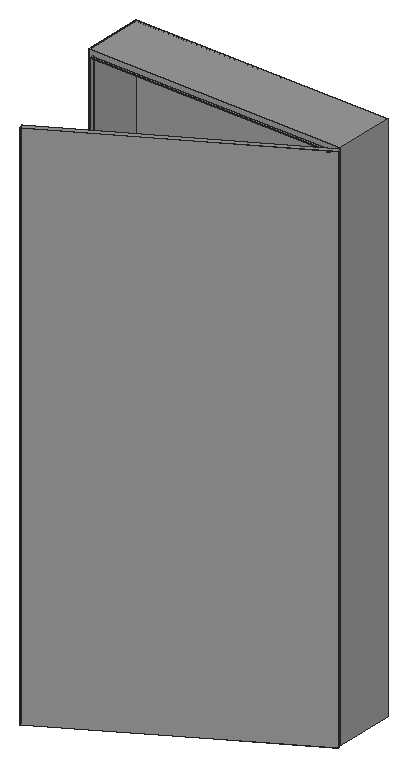
Revit family "Hager-Univers-IP54-D205-H1700-Cl.II-Encl-NoHosted-PT-pt", category Electrical Equipment, Revit 2020
Family settings
  Panel Configuration = Two Columns, Circuits Across
  Round Connector Dimension = Use Diameter
  Part Type = Panelboard
  Work Plane-Based = Yes
  Always vertical = Yes
  Cut with Voids When Loaded = No
  Shared = No
  Room Calculation Point = No
Parameters (values of type "Montagem em superfície (gesso) IP54 L800 A1700 P205  - FP13SW2")
  Width Control [instance] = if([EF000008 - Largura] > Min Width, [EF000008 - Largura], Min Width)  # 800 mm
  Type Comments = [HG000003 - Gama]  # "Univers"
  Thickness Door [instance] = if([EF009171 - Espessura do material da porta/tampa] > 3 mm, 3 mm, [EF009171 - Espessura do material da porta/tampa])  # 1 mm
  Seal Frame Offset [instance] = 17 mm  # constant formula
  Plinth Visibility [instance] = [HG000027 - Altura da Plinta] > 0 mm  # no
  Min Width [instance] = 100 mm  # constant formula
  Min Depth [instance] = (2 * [EF009170 - Espessura do material do invólucro]) + 1 mm  # 3 mm
  Min Height [instance] = 100 mm  # constant formula
  Internal Frame Depth [instance] = (Door System Depth * 0.5)  # 9 mm
  Panel Name [instance] = ""  # (empty or 0)
  Model = ""
  HG000027 - Altura da Plinta = 0 mm
  HG000026 - Instalação no chão = no
  HG000024 - Altura da secção inferior = 600 mm
  HG000023 - Recinto de secção dupla = no
  HG000016 - Visibilidade da porta 3D [instance] = yes
  HG000015 - Visibilidade através da porta [instance] = no
  HG000014 - Porta à direita [instance] = yes
  HG000013 - Porta à esquerda [instance] = not([HG000014 - Porta à direita])  # no
  HG000012 - Ângulo de abertura de porta [instance] = 30.00°
  HG000010 - Portas assimétricas = no
  HG000009 - Porta dupla = no
  HG000006 - Encastrado = no
  HG000004 - Referência do Fabricante = "FP13SW2"
  HG000003 - Gama = "Univers"
  HG000002 - Com porta ou tampa = yes
  Frame Offset Bottom [instance] = 10 mm  # constant formula
  Frame Offset [instance] = 15 mm  # constant formula
  EF015940 - Tampa com libertação de sobrepressão = no
  EF011959 - Grau de proteção (NEMA) = ""
  EF009554 - Número de aberturas para placas de flange = 6
  EF009212 - Tipo de tampa = "EV000116 - Fechado"
  EF009171 - Espessura do material da porta/tampa = 1 mm
  EF009170 - Espessura do material do invólucro = 1 mm
  EF008873 - Corrente nominal (In) = 400 A
  EF007800 - Adequado para proteção contra raios = no
  EF006306 - Com fecho = no
  EF006244 - Tampa/porta transparente = no
  EF005474 - Grau de proteção (IP) = "EV006419 - IP54"
  EF004464 - Tipo de porta = "EV002646 - Único"
  EF004427 - Número de módulos = 396
  EF004293 - Força de impacto = "EV006815 - IK09"
  EF003532 - Adequado para uso no exterior = no
  EF002950 - Largura em número de módulos = 36
  EF001613 - Integridade do circuito = "EV000494 - Nenhum"
  EF001596 - Material do corpo = "EV000179 - Aço"
  EF001131 - Profundidade interior = 143 mm
  EF001088 - Extensão possível = yes
  EF000437 - Número de entradas de condutores = 6
  EF000339 - Tipo de difusor = "EV001012 - Tampa"
  EF000266 - Número de linhas = 11
  EF000218 - Profundidade incorporada = 205 mm
  EF000118 - Com tampa de montagem = no
  EF000116 - Número RAL = "9010"
  EF000049 - Profundidade = 205 mm
  EF000040 - Altura = 1700 mm
  EF000008 - Largura = 800 mm
  EF000007 - Cor = "EV000202 - Branco"
  EF000003 - Método de montagem = "EV000384 - Montagem em superfície (gesso)"
  Door System Leaf Tolerance [instance] = 1.5 mm  # constant formula
  Door System Depth [instance] = 18 mm  # constant formula
  Door Height [instance] = Height Control - [HG000027 - Altura da Plinta]  # 1700 mm
  Description = ""
  Default Elevation = 1219.2 mm
  Connector Offset [instance] = Height Control / 2  # 850 mm
  Manufacturer = "Hager"  # constant formula
  Height Control [instance] = if([EF000040 - Altura] > Min Height, [EF000040 - Altura], Min Height)  # 1700 mm
  Depth Control [instance] = if([EF000049 - Profundidade] > Min Depth, [EF000049 - Profundidade], Min Depth)  # 205 mm
  Bottom Top Plate Trim [instance] = 1.5 mm  # constant formula
  Plinth height Ctrl [instance] = if([HG000027 - Altura da Plinta] > 0 mm, [HG000027 - Altura da Plinta], 12 mm)  # 12 mm
Types (5, lengths in mm): name | Width Control | HG000010 - Portas assimétricas | HG000009 - Porta dupla | HG000004 - Referência do Fabricante | EF009554 - Número de aberturas para placas de flange | EF008873 - Corrente nominal (In) | EF004464 - Tipo de porta | EF004427 - Número de módulos | EF002950 - Largura em número de módulos | EF000437 - Número de entradas de condutores | EF000008 - Largura
  Montagem em superfície (gesso) IP54 L1050 A1700 P205  - FP14SW2 | 1050 | no | yes | "FP14SW2" | 8 | 400 A | "EV003602 - Duplo" | 528 | 48 | 8 | 1050
  Montagem em superfície (gesso) IP54 L1300 A1700 P205  - FP15SW2 | 1300 | yes | yes | "FP15SW2" | 10 | 400 A | "EV003602 - Duplo" | 660 | 60 | 10 | 1300
  Montagem em superfície (gesso) IP54 L300 A1700 P205  - FP11SW2 | 300 | no | no | "FP11SW2" | 2 | 250 A | "EV002646 - Único" | 132 | 12 | 2 | 300
  Montagem em superfície (gesso) IP54 L550 A1700 P205  - FP12SW2 | 550 | no | no | "FP12SW2" | 4 | 250 A | "EV002646 - Único" | 264 | 24 | 4 | 550
  Montagem em superfície (gesso) IP54 L800 A1700 P205  - FP13SW2 | 800 | no | no | "FP13SW2" | 6 | 400 A | "EV002646 - Único" | 396 | 36 | 6 | 800
Reference planes
  plane 1 "Center (Front/Back)": y = 0
  plane 2: z = 0
  plane 3 "Center (Left/Right)": x = 0
  plane 4: y = 0
  plane 5: y = 0
  plane 6: z = 0
  plane 7: x = -400
  plane 8: x = 400
  plane 9: x = 399
  plane 10: x = -399
  plane 11: z = 0
  plane 12: z = 1
  plane 13: y = -205
  plane 14: y = -1
  plane 15: x = 0
  plane 16: y = -187
  plane 17: y = -204
  plane 18: y = -186
  plane 19: x = -384
  plane 20: x = 384
  plane 21: z = 11
  plane 22: x = -383
  plane 23: x = 383
  plane 24: z = 0
  plane 25: z = 1700
  plane 26: z = 1700
  plane 27: z = 1684
  plane 28: z = 1699
Forms (mm)
  Extrusion 1, solid, material "Hager_Steel_RAL7035_Light_Grey", detail levels medium+fine
    sketch origin (-208.679, -4572, 0) x (-1, 0, 0) y (0, -1, 0)
      loop
        line (191.321, -4385) -> (-608.679, -4385) -> (-608.679, -4572) -> (191.321, -4572) -> (191.321, -4385)
    from 0 to 1700
  Extrusion 2, void
    sketch origin (-350.771, -205, 1219.2) x (1, 0, 0) y (0, 0, 1)
      loop
        line (-48.229, 479.8) -> (-48.229, -1218.2) -> (749.771, -1218.2) -> (749.771, 479.8) -> (-48.229, 479.8)
    from -19 to -204
  Extrusion 3, void
    sketch origin (-290.084, -187, 1219.2) x (1, 0, 0) y (0, 0, 1)
      loop
        line (-93.916, -1208.2) -> (674.084, -1208.2) -> (674.084, 464.8) -> (-93.916, 464.8) -> (-93.916, -1208.2)
    from 0 to -1
  Extrusion 4, solid, material "Hager_Steel_RAL7035_Light_Grey", visible <- "Plinth Visibility", detail levels medium+fine
    sketch origin (0, 0, 0) x (1, 0, 0) y (0, 1, 0)
      loop
        line (-400, 0) -> (-400, -187) -> (400, -187) -> (400, 0) -> (-400, 0)
    from 0 to 12 <- "Plinth height Ctrl"
  Extrusion 5, solid, material "Hager_Steel_RAL7035_Light_Grey", detail levels coarse
    sketch origin (0, 0, 0) x (1, 0, 0) y (0, 1, 0)
      loop
        line (-400, 0) -> (-400, -205) -> (400, -205) -> (400, 0) -> (-400, 0)
    from 0 to 1700 <- "Height Control"
  Sweep 6, void
    path in 3D
      loop
        line (-400, -187, 12) -> (400, -187, 12) -> (400, 0, 12) -> (-400, 0, 12) -> (-400, -187, 12)
    profile origin (-400, -93.5, 12) x (1, 0, 0) y (0, 0, 1)
      loop
        line (0, 0) -> (0, -1.5) -> (1.5, -1.5)
        arc (1.5, -1.5) -> (1.061, -0.439) -> (0, 0) r 1.5
  Extrusion 7, solid, material "Hager_Steel_RAL7035_Light_Grey", detail levels fine
    sketch origin (-400, -187, 0) x (1, 0, 0) y (0, 0, 1)
      loop
        line (16, 11) -> (784, 11) -> (784, 1684) -> (16, 1684) -> (16, 11)
      loop
        line (15, 10) -> (785, 10) -> (785, 1685) -> (15, 1685) -> (15, 10)
    from 0 to 9 <- "Internal Frame Depth"
Cuts and joins
  Extrusion 2, Extrusion 3 cuts Extrusion 1
  Sweep 6 cuts Extrusion 4
Lines and regions (mm)
  Masking region 1
    outline origin (0, 0, 0) x (1, 0, 0) y (0, 1, 0)
      loop
        line (-400, 0) -> (-400, -205) -> (400, -205) -> (400, 0) -> (-400, 0)
  Masking region 2, detail levels coarse
    outline origin (-290.084, -187, 1219.2) x (-1, 0, 0) y (0, 0, 1)
      loop
        line (-690.084, -1219.2) -> (109.916, -1219.2) -> (109.916, 480.8) -> (-690.084, 480.8) -> (-690.084, -1219.2)
  Masking region 3, detail levels coarse
    outline origin (0, 0, 0) x (0, 1, 0) y (0, 0, 1)
      loop
        line (0, 0) -> (0, 1700) -> (-205, 1700) -> (-205, 0) -> (0, 0)
  Masking region 4, visible <- "Plinth Visibility", detail levels medium+fine
    outline origin (0, 0, 0) x (0, 1, 0) y (0, 0, 1)
      loop
        line (-1.5, 12) -> (-185.5, 12)
        arc (-185.5, 12) -> (-185.939, 10.939) -> (-187, 10.5) r 1.5
        line (-187, 10.5) -> (-187, 0) -> (0, 0) -> (0, 10.5)
        arc (0, 10.5) -> (-1.061, 10.939) -> (-1.5, 12) r 1.5
  Masking region 5, detail levels medium+fine
    outline origin (0, 0, 594.038) x (0, 1, 0) y (0, 0, 1)
      loop
        line (0, -594.038) -> (0, 1105.962) -> (-187, 1105.962) -> (-187, -594.038) -> (0, -594.038)
  Masking region 6, detail levels medium+fine
    outline origin (-359.7, -187, 1211.883) x (-1, 0, 0) y (0, 0, 1)
      loop
        line (-759.7, -1211.883) -> (40.3, -1211.883) -> (40.3, 488.117) -> (-759.7, 488.117) -> (-759.7, -1211.883)
  Masking region 7, visible <- "Plinth Visibility", detail levels medium+fine
    outline origin (-320.334, -187, 1041.368) x (-1, 0, 0) y (0, 0, 1)
      loop
        line (-720.334, -1041.368) -> (79.666, -1041.368) -> (79.666, -1030.868)
        arc (79.666, -1030.868) -> (78.606, -1030.429) -> (78.166, -1029.368) r 1.5
        line (78.166, -1029.368) -> (-718.834, -1029.368)
        arc (-718.834, -1029.368) -> (-719.273, -1030.429) -> (-720.334, -1030.868) r 1.5
        line (-720.334, -1030.868) -> (-720.334, -1041.368)
  sketch lines
    curve 1: line (-400, 0, 12) -> (-400, -187, 12)
    curve 2: line (-400, -187, 12) -> (400, -187, 12)
    curve 3: line (400, 0, 12) -> (-400, 0, 12)
    curve 4: line (400, -187, 12) -> (400, 0, 12)
Dimensions and locks
  locked: plane 1 "Center (Front/Back)" to plane 5
  "EF009170 - Espessura do material do invólucro": plane 7 to plane 10
  "EF009170 - Espessura do material do invólucro": plane 8 to plane 9
  equal spacing: plane 7, plane 3 "Center (Left/Right)", plane 8
  "Width Control": plane 7 to plane 8
  "Depth Control": plane 4 to plane 13
  "EF009170 - Espessura do material do invólucro": plane 4 to plane 14
  "Height Control": plane 25 to level
  "HG000027 - Altura da Plinta": plane 11 to level
  "EF009170 - Espessura do material do invólucro": plane 12 to plane 11
  "EF009170 - Espessura do material do invólucro": plane 17 to plane 13
  "EF009170 - Espessura do material do invólucro": plane 18 to plane 16
  "Frame Offset Bottom": plane 21 to plane 12
  "Frame Offset": plane 10 to plane 19
  "Frame Offset": plane 9 to plane 20
  "Door System Depth": plane 16 to plane 13
  "Seal Frame Offset": plane 7 to plane 22
  "Seal Frame Offset": plane 8 to plane 23
  "EF009170 - Espessura do material do invólucro": plane 26 to plane 28
  "Frame Offset": plane 28 to plane 27
  "Connector Offset": plane 2 to connector elem
  "Bottom Top Plate Trim": profile plane to Sweep 6 sketch curve
  "Bottom Top Plate Trim": Sweep 6 sketch curve to Sweep 6 sketch curve
  "Plinth height Ctrl": Masking region 4 sketch curve to level
  "Plinth height Ctrl": Masking region 7 sketch curve to level
  "Thickness Door": Extrusion 7 sketch curve to Extrusion 7 sketch curve  (x4)
  "Bottom Top Plate Trim": radius of Sweep 6 sketch curve
  "Bottom Top Plate Trim": radius of Masking region 4 sketch curve  (x2)
  "Bottom Top Plate Trim": radius of Masking region 7 sketch curve  (x2)
  aligned and locked: Extrusion 2 sketch curve to plane 12
  aligned and locked: Extrusion 2 sketch curve to plane 9
  aligned and locked: Extrusion 2 sketch curve to plane 10
  aligned and locked: Extrusion 2 to plane 14
  aligned and locked: Extrusion 1 sketch curve to plane 4
  aligned and locked: plane 8 to Extrusion 1 sketch curve
  aligned and locked: plane 7 to Extrusion 1 sketch curve
  aligned and locked: Extrusion 2 to plane 18
  aligned and locked: Extrusion 3 sketch curve to plane 19
  aligned and locked: plane 20 to Extrusion 3 sketch curve
  aligned and locked: Extrusion 3 to Extrusion 2
  aligned and locked: Extrusion 3 sketch curve to plane 21
  aligned and locked: plane 3 "Center (Left/Right)" to nested 1
  aligned and locked: Extrusion 1 sketch curve to plane 16
  aligned and locked: Extrusion 4 sketch curve to cut or joined group of Extrusion 1, Extrusion 2, Extrusion 3
  aligned and locked: Masking region 1 sketch curve to plane 7
  aligned and locked: Masking region 1 sketch curve to plane 5
  aligned and locked: Masking region 1 sketch curve to plane 8
  aligned and locked: Masking region 2 sketch curve to level
  aligned and locked: level to Masking region 3 sketch curve
  aligned and locked: plane 1 "Center (Front/Back)" to Masking region 3 sketch curve
  aligned and locked: plane 13 to Masking region 3 sketch curve
  aligned and locked: plane 5 to Masking region 4 sketch curve
  aligned and locked: Masking region 2 sketch curve to plane 8
  aligned and locked: Masking region 2 sketch curve to plane 7
  aligned and locked: plane 7 to nested 2
  aligned and locked: nested 2 to plane 5
  aligned and locked: plane 5 to Masking region 5 sketch curve
  aligned and locked: plane 26 to Masking region 5 sketch curve
  aligned and locked: Extrusion 5 sketch curve to plane 8
  aligned and locked: Extrusion 5 sketch curve to plane 7
  aligned and locked: Extrusion 5 sketch curve to plane 5
  aligned and locked: Extrusion 3 sketch curve to plane 27
  aligned and locked: Extrusion 2 sketch curve to plane 28
  aligned and locked: Masking region 2 to plane 25
  aligned and locked: Extrusion 4 to plane 16
  aligned and locked: profile plane to Sweep 6 sketch curve
  aligned and locked: Masking region 5 sketch curve to plane 24
  aligned and locked: level to Masking region 4 sketch curve
  aligned and locked: Masking region 1 to plane 13
  aligned and locked: nested 1 to plane 16
  aligned and locked: Masking region 3 to plane 25
  aligned and locked: plane 16 to Masking region 4 sketch curve
  aligned and locked: Masking region 5 sketch curve to plane 16
  aligned and locked: plane 24 to plane 11
  aligned and locked: plane 26 to plane 25
  aligned and locked: plane 26 to cut or joined group of Extrusion 1, Extrusion 2, Extrusion 3
  aligned and locked: nested 1 to plane 24
  aligned and locked: Extrusion 1 to Extrusion 3
  aligned and locked: Masking region 6 sketch curve to plane 8
  aligned and locked: Masking region 6 sketch curve to plane 24
  aligned and locked: Masking region 6 sketch curve to plane 7
  aligned and locked: Masking region 6 sketch curve to plane 26
  aligned and locked: Masking region 7 sketch curve to plane 7
  aligned and locked: level to Masking region 7 sketch curve
  aligned and locked: Masking region 7 sketch curve to plane 8
  aligned and locked: Extrusion 7 sketch curve to cut or joined group of Extrusion 1, Extrusion 2, Extrusion 3  (x4)
Automatic sketch dimensions
  plane 19 to Extrusion 3 sketch curve = 0 mm
  Extrusion 3 sketch curve to plane 20 = 0 mm
  Extrusion 3 sketch curve to plane 21 = 0 mm
  Extrusion 4 sketch curve to plane 7 = 0 mm
  Extrusion 4 sketch curve to plane 8 = 0 mm
  Extrusion 4 sketch curve to plane 16 = 0 mm
  Masking region 1 sketch curve to plane 13 = 0 mm
  Masking region 2 sketch curve to plane 25 = 0 mm
  Masking region 3 sketch curve to plane 25 = 0 mm
  Extrusion 5 sketch curve to plane 13 = 0 mm
  profile plane to Sweep 6 sketch curve = 0 mm
Nested families
  nested 1: "EC000058_Univers_Door" at (0, -187, 0), Double <- "HG000009 - Porta dupla", Transparent <- "EF006244 - Tampa/porta transparente", Angle <- "HG000012 - Ângulo de abertura de porta", Door_Right <- "HG000014 - Porta à direita", Assymetrical <- "HG000010 - Portas assimétricas", Door <- "HG000002 - Com porta ou tampa", Width_Ctrl <- "Width Control", 3d_Door <- "HG000016 - Visibilidade da porta 3D", Clearance <- "HG000015 - Visibilidade através da porta", Door_Left <- "HG000013 - Porta à esquerda", Width <- "Width Control", Door_Depth <- "Door System Depth", Leaf_Tolerance <- "Door System Leaf Tolerance", Height <- "Door Height", Lock_Visibility <- "EF006306 - Com fecho", Thickness <- "Thickness Door", type "EC000058_Univers_Door", detail levels medium+fine
    with min_wh 3 mm, Width_Ctrl 800 mm, Width 800 mm, Transparent no, Thickness 1 mm, Seal_Material Hager_Rubber, Lock_Visibility no, Lock_Material Hager_Plastic_RAL9005_Jet_Black, Leaf_Width 800 mm, Leaf_Tolerance_External_Sides 0 mm, Leaf_Tolerance 1.5 mm, Leaf_Offset 0 mm, Leaf_Height 1697 mm, Leaf_2_Width 800 mm, Leaf_2_Offset 400 mm, Leaf_1_Width 800 mm, Leaf_1_Offset 400 mm, Height_Ctrl 1700 mm, Height 1700 mm, Glass_Material Hager_Glass, Double_Clearance_Ctrl no, Double no, Door_Right_Ctrl yes, Door_Right yes, Door_Material Hager_Steel_RAL7035_Light_Grey, Door_Left_Ctrl no, Door_Left no, Door_Depth 18 mm, Door yes, Clearance_Material Hager_Clearance, Clearance_Depth 800 mm, Clearance_Ctrl no, Clearance no, Assymetrical no, Angle 30.00°, 3d_Door yes
  nested 2: "Hager_Enclosure_Symbol" at (-400, 0, 0), Height <- "Depth Control", Width <- "Width Control", type "Hager_Enclosure_Symbol"
    with Width_Ctrl 800 mm, Width 800 mm, Height_Ctrl 205 mm, Height 205 mm, A_Width_Int 13.453 mm, A_Width 161.438 mm, A_Height_Ctrl 179.375 mm, A_Height 179.375 mm
Connectors
  electrical at (0, 0, 850)
    settings: on plane 1 "Center (Front/Back)", index 1, voltage 0 V, apparent load 0 VA, apparent load phase1 0 VA, apparent load phase2 0 VA, apparent load phase3 0 VA, power factor 1, load classification "Other", number of poles 1, system type 30, power factor state 1, is connector primary yes, connector utility no, sub classification motor no, connector description ""
Definition of nested family "EC000058_Univers_Door"
  Parameters (values of type "EC000058_Univers_Door")
    min_wh [instance] = (2 * Thickness) + 1 mm  # 11 mm
    Width_Ctrl [instance] = 400 mm
    Width [instance] = 500 mm
    Transparent [instance] = yes
    Thickness [instance] = 5 mm
    Seal_Material [instance] = none
    Lock_Visibility [instance] = yes
    Lock_Material [instance] = none
    Leaf_Width [instance] = if((Width_Ctrl - 2 * Leaf_Tolerance_External_Sides) > 0 mm, (Width_Ctrl - 2 * Leaf_Tolerance_External_Sides), min_wh)  # 400 mm
    Leaf_Tolerance_External_Sides [instance] = 0 mm  # constant formula
    Leaf_Tolerance [instance] = 1.5 mm
    Leaf_Offset [instance] = 0 mm  # constant formula
    Leaf_Height [instance] = if((Height_Ctrl - 2 * Leaf_Tolerance) > 0 mm, (Height_Ctrl - 2 * Leaf_Tolerance), min_wh)  # 497 mm
    Leaf_2_Width [instance] = if(and(and(Double, Assymetrical), Door_Left), (Leaf_Width / 3) - (Leaf_Tolerance / 2), if(and(and(Double, Assymetrical), Door_Right), (Leaf_Width / 3) * 2 - (Leaf_Tolerance / 2), if(and(Double, not(Assymetrical)), (Leaf_Width / 2) - Leaf_Tolerance, Leaf_Width)))  # 400 mm
    Leaf_2_Offset [instance] = if(and(Double, Assymetrical), Leaf_2_Width / 2, if(and(Double, not(Assymetrical)), Leaf_Width / 4, Leaf_Width / 2))  # 200 mm
    Leaf_1_Width [instance] = if(and(and(Double, Assymetrical), Door_Right), (Leaf_Width / 3) - (Leaf_Tolerance / 2), if(and(and(Double, Assymetrical), Door_Left), (Width / 3) * 2 - (Leaf_Tolerance / 2), if(and(Double, not(Assymetrical)), (Leaf_Width / 2) - Leaf_Tolerance, Leaf_Width)))  # 400 mm
    Leaf_1_Offset [instance] = if(and(Double, Assymetrical), Leaf_1_Width / 2, if(and(Double, not(Assymetrical)), Leaf_Width / 4, Leaf_Width / 2))  # 200 mm
    Height_Ctrl [instance] = if(Height > min_wh, Height, min_wh)  # 500 mm
    Height [instance] = 500 mm
    Glass_Material [instance] = none
    Double_Clearance_Ctrl [instance] = and(Double, Clearance)  # no
    Double [instance] = no
    Door_Right_Ctrl [instance] = and(or(Door_Right, Double), Door)  # yes
    Door_Right [instance] = yes
    Door_Material [instance] = none
    Door_Left_Ctrl [instance] = and(or(Door_Left, Double), Door)  # no
    Door_Left [instance] = no
    Door_Depth [instance] = 30 mm
    Door [instance] = yes
    Default Elevation = 1219.2 mm
    Clearance_Material [instance] = none
    Clearance_Depth [instance] = if(Leaf_1_Width > Leaf_2_Width, Leaf_1_Width, Leaf_2_Width)  # 400 mm
    Clearance_Ctrl [instance] = and(not(Double), Clearance)  # yes
    Clearance [instance] = yes
    Assymetrical [instance] = yes
    Angle [instance] = 30.00°
    3d_Door [instance] = yes
  Reference planes
    plane 1 "Center (Front/Back)": y = 0
    plane 2 "Bottom": z = 0
    plane 3 "Center (Left/Right)": x = 0
    plane 4: z = 500
    plane 5: x = -200
    plane 6: x = 200
    plane 7: z = 500
    plane 8: x = -200
    plane 9: z = 0
    plane 10: x = 200
    plane 11: y = 0
    plane 12: z = 1.5
    plane 13: x = -600
    plane 14: y = -400
    plane 15: x = 600
    plane 16: x = 0
    plane 17: x = 0
    plane 18: x = -200
    plane 19: x = 200
    plane 20: z = 498.5
  Forms (mm)
    Extrusion 1, solid, material <- "Clearance_Material", visible <- "Double_Clearance_Ctrl"
      sketch origin (1200, 0, 0) x (1, 0, 0) y (0, 0, -1)
        loop
          line (-1800, -498.5) -> (-600, -498.5) -> (-600, 0) -> (-1800, 0) -> (-1800, -498.5)
      from 0 to -400
  Dimensions and locks
    equal spacing: plane 5, plane 3 "Center (Left/Right)", plane 6
    "Width_Ctrl": plane 5 to plane 6
    "Leaf_Offset": plane 5 to plane 8
    "Leaf_Offset": plane 6 to plane 10
    "Leaf_Offset": plane 9 to level
    "Leaf_Offset": plane 4 to plane 7
    "Height_Ctrl": plane 4 to level
    "Leaf_Tolerance": plane 12 to plane 9
    locked: plane 11 to plane 1 "Center (Front/Back)"
    "Leaf_1_Offset": plane 18 to plane 16
    "Leaf_2_Offset": plane 17 to plane 19
    "Leaf_1_Width": plane 13 to plane 8
    "Leaf_2_Width": plane 10 to plane 15
    "Clearance_Depth": plane 14 to plane 1 "Center (Front/Back)"
    "Leaf_Tolerance_External_Sides": plane 8 to plane 18
    "Leaf_Tolerance_External_Sides": plane 19 to plane 10
    "Leaf_Tolerance": plane 7 to plane 20
    aligned and locked: level to plane 2 "Bottom"
    aligned and locked: nested 1 to plane 16
    aligned and locked: nested 2 to plane 17
    aligned and locked: Extrusion 1 to plane 13
    aligned and locked: plane 15 to Extrusion 1
    aligned and locked: Extrusion 1 to plane 14
    aligned and locked: plane 12 to nested 1
    aligned and locked: nested 2 to plane 12
    aligned and locked: Extrusion 1 to plane 11
    aligned and locked: plane 20 to Extrusion 1
    aligned and locked: nested 2 to plane 11
    aligned and locked: nested 1 to plane 11
  Automatic sketch dimensions
    Extrusion 1 sketch curve to level = 0 mm
    plane 5 to Extrusion 1 sketch curve = 400 mm
    plane 6 to Extrusion 1 sketch curve = 400 mm
    Extrusion 1 sketch curve to plane 4 = 1.5 mm
  Nested families
    nested 1: "EC000058_Univers_Door_Leaf" at (0, 0, 1.5), Width <- "Leaf_1_Width", visible <- "Door_Left_Ctrl", Leaf_Height <- "Leaf_Height", Angle <- "Angle", 3d_Door <- "3d_Door", Transparent <- "Transparent", Clearance Material <- "Clearance_Material", Clearance <- "Clearance_Ctrl", Door_Material <- "Door_Material", Glass_Material <- "Glass_Material", Door_Depth <- "Door_Depth", Lock_Material <- "Lock_Material", Seal_Material <- "Seal_Material", Lock_Visibility <- "Lock_Visibility", Thickness <- "Thickness", type "EC000058_Univers_Door_Leaf"
      with Width 400 mm, Transparent_Glass_Offset 30 mm, Transparent_Ctrl yes, Transparent yes, Thickness 5 mm, Standard no, Seal_Material none, Seal_D2 8 mm, Seal_D1 1 mm, Offset_Internal_Frame 10 mm, Lock_Width 20 mm, Lock_Visibility_3d yes, Lock_Visibility yes, Lock_Thickness_3 3 mm, Lock_Thickness_2 1 mm, Lock_Thickness_1 3 mm, Lock_Radius_Offset_2 16 mm, Lock_Radius_Offset_1 15 mm, Lock_Radius_2 5 mm, Lock_Radius 6 mm, Lock_Offset 5 mm, Lock_Material none, Lock_Height 80 mm, Lock_Cover_Top_Offset_2d 17 mm, Lock_Cover_Height -65 mm, Leaf_Height 497 mm, Internal_Seal_Thickness 8 mm, Internal_Seal_Depth_2 4.5 mm, Internal_Frame_Depth 25 mm, Glass_Thickness -1 mm, Glass_Offset -2 mm, Glass_Material none, Door_Material none, Door_Depth 30 mm, Clearance Material none, Clearance yes, Angle_Ctrl 30.00°, Angle 30.00°, 3d_Door yes
    nested 2: "EC000058_Univers_Door_Leaf" at (0, 0, 1.5) x (-1, 0, 0) z (0, 0, 1), Width <- "Leaf_2_Width", visible <- "Door_Right_Ctrl", Leaf_Height <- "Leaf_Height", Angle <- "Angle", 3d_Door <- "3d_Door", Transparent <- "Transparent", Clearance Material <- "Clearance_Material", Clearance <- "Clearance_Ctrl", Door_Material <- "Door_Material", Glass_Material <- "Glass_Material", Door_Depth <- "Door_Depth", Lock_Material <- "Lock_Material", Seal_Material <- "Seal_Material", Lock_Visibility <- "Lock_Visibility", Thickness <- "Thickness", type "EC000058_Univers_Door_Leaf"
      with Width 400 mm, Transparent_Glass_Offset 30 mm, Transparent_Ctrl yes, Transparent yes, Thickness 5 mm, Standard no, Seal_Material none, Seal_D2 8 mm, Seal_D1 1 mm, Offset_Internal_Frame 10 mm, Lock_Width 20 mm, Lock_Visibility_3d yes, Lock_Visibility yes, Lock_Thickness_3 3 mm, Lock_Thickness_2 1 mm, Lock_Thickness_1 3 mm, Lock_Radius_Offset_2 16 mm, Lock_Radius_Offset_1 15 mm, Lock_Radius_2 5 mm, Lock_Radius 6 mm, Lock_Offset 5 mm, Lock_Material none, Lock_Height 80 mm, Lock_Cover_Top_Offset_2d 17 mm, Lock_Cover_Height -65 mm, Leaf_Height 497 mm, Internal_Seal_Thickness 8 mm, Internal_Seal_Depth_2 4.5 mm, Internal_Frame_Depth 25 mm, Glass_Thickness -1 mm, Glass_Offset -2 mm, Glass_Material none, Door_Material none, Door_Depth 30 mm, Clearance Material none, Clearance yes, Angle_Ctrl 30.00°, Angle 30.00°, 3d_Door yes
  Definition of nested family "EC000058_Univers_Door_Leaf"
    Parameters (values of type "EC000058_Univers_Door_Leaf")
      Width [instance] = 2000 mm
      Transparent_Glass_Offset [instance] = 30 mm
      Transparent_Ctrl [instance] = and(Transparent, [3d_Door])  # yes
      Transparent [instance] = yes
      Thickness [instance] = 5 mm
      Standard [instance] = and(not(Transparent), [3d_Door])  # no
      Seal_Material [instance] = none
      Seal_D2 [instance] = 8 mm  # constant formula
      Seal_D1 [instance] = 1 mm  # constant formula
      Offset_Internal_Frame [instance] = 10 mm  # constant formula
      Lock_Width [instance] = 20 mm  # constant formula
      Lock_Visibility_3d [instance] = and(Lock_Visibility, [3d_Door])  # yes
      Lock_Visibility [instance] = yes
      Lock_Thickness_3 [instance] = 3 mm  # constant formula
      Lock_Thickness_2 [instance] = 1 mm  # constant formula
      Lock_Thickness_1 [instance] = 3 mm  # constant formula
      Lock_Radius_Offset_2 [instance] = Lock_Radius_Offset_1 + 1 mm  # 16 mm
      Lock_Radius_Offset_1 [instance] = 15 mm  # constant formula
      Lock_Radius_2 [instance] = Lock_Radius - 1 mm  # 5 mm
      Lock_Radius [instance] = 6 mm  # constant formula
      Lock_Offset [instance] = 5 mm  # constant formula
      Lock_Material [instance] = none
      Lock_Height [instance] = 80 mm  # constant formula
      Lock_Cover_Top_Offset_2d [instance] = Lock_Radius_Offset_2 + 1 mm  # 17 mm
      Lock_Cover_Height [instance] = -(Lock_Height - Lock_Radius_Offset_1)  # -65 mm
      Leaf_Height [instance] = 2720.336 mm
      Internal_Seal_Thickness [instance] = 8 mm  # constant formula
      Internal_Seal_Depth_2 [instance] = 4.5 mm  # constant formula
      Internal_Frame_Depth [instance] = if(Door_Depth - Thickness > 5 mm, Door_Depth - Thickness, 5 mm)  # 25 mm
      Glass_Thickness [instance] = if(Thickness > 15 mm, Glass_Offset + 10 mm, -1 mm)  # -1 mm
      Glass_Offset [instance] = if(Thickness > 15 mm, -(Thickness + 10 mm) / 2, -2 mm)  # -2 mm
      Glass_Material [instance] = none
      Door_Material [instance] = none
      Door_Depth [instance] = 30 mm
      Default Elevation = 0 mm
      Clearance Material [instance] = none
      Clearance [instance] = yes
      Angle_Ctrl [instance] = if(Angle > 180.00°, 180.00°, Angle)  # 90.00°
      Angle [instance] = 90.00°
      3d_Door [instance] = yes
    Reference planes
      plane 1 "Center (Front/Back)": y = 0
      plane 2: z = 0
      plane 3 "Center (Left/Right)": x = 0
      plane 4: y = 2000
      plane 5: x = -1000
      plane 6: x = 1000
      plane 7: x = -3000
      plane 8: z = 2720.336
      plane 9: z = 30
      plane 10: z = 2690.336
      plane 11: x = 970
      plane 12: x = -970
      plane 13: y = -3
      plane 14: z = 107.833
      plane 15: y = -5
      plane 16: y = -223.314
      plane 17: x = -1000
      plane 18: z = 1360.168
      plane 19: y = 30
    Forms (mm)
      Extrusion 1, solid, material <- "Clearance Material", visible <- "Clearance"
        sketch origin (0, 0, 0) x (1, 0, 0) y (0, 0, 1)
          loop
            line (-3000, 2720.336) -> (-3000, 0) -> (1000, 0) -> (1000, 2720.336) -> (-3000, 2720.336)
        from 0 to -2000
      Extrusion 2, solid, material <- "Door_Material", visible <- "Standard", detail levels medium+fine
        sketch origin (-1000, 0, 0) x (0, 1, 0) y (-1, 0, 0)
          loop
            line (0, 30) -> (0, 25) -> (2000, 25) -> (2000, 30) -> (0, 30)
        from 0 to 2720.336 <- "Leaf_Height"
      Extrusion 3, solid, material <- "Door_Material", visible <- "Transparent_Ctrl", detail levels medium+fine
        sketch origin (-1000, 0, 0) x (0, 1, 0) y (-1, 0, 0)
          loop
            line (0, 25) -> (2000, 25) -> (2000, 30) -> (0, 30) -> (0, 25)
        from 0 to 2720.336 <- "Leaf_Height"
      Extrusion 4, void
        sketch origin (-1025, 2000, 0) x (0, 1, 0) y (0, 0, -1)
          loop
            line (-30, -2690.336) -> (-30, -30) -> (-1970, -30) -> (-1970, -2690.336) -> (-30, -2690.336)
        from 0 to 5 <- "Thickness"
      Sweep 5, solid, material <- "Seal_Material", visible <- "Transparent_Ctrl", detail levels fine
        path in 3D
          loop
            line (-1025, 30, 30) -> (-1025, 30, 2690.336) -> (-1025, 1970, 2690.336) -> (-1025, 1970, 30) -> (-1025, 30, 30)
        profile origin (-1025, 1000, 30) x (1, 0, 0) y (0, 0, 1)
          loop
            line (0, 0) -> (0, -8) -> (1, -8) -> (1, 0) -> (0, 0)
      Extrusion 6, solid, material <- "Glass_Material", visible <- "Transparent_Ctrl", detail levels medium+fine
        sketch origin (-1030, 0, 0) x (0, 1, 0) y (0, 0, -1)
          loop
            line (1970, -2690.336) -> (1970, -30) -> (30, -30) -> (30, -2690.336) -> (1970, -2690.336)
        from -2 <- "Glass_Offset" to -1 <- "Glass_Thickness"
      Extrusion 7, solid, material <- "Door_Material", visible <- "3d_Door", detail levels medium+fine
        sketch origin (-1025, 2000, 0) x (0, -1, 0) y (0, 0, -1)
          loop
            line (0, -2720.336) -> (2000, -2720.336) -> (2000, 0) -> (0, 0) -> (0, -2720.336)
          loop
            line (1995, -5) -> (5, -5) -> (5, -2715.336) -> (1995, -2715.336) -> (1995, -5)
        from 0 to 25 <- "Internal_Frame_Depth"
      Sweep 8, solid, material <- "Seal_Material", visible <- "Transparent_Ctrl", detail levels fine
        path in 3D
          loop
            line (-1025, 0, 0) -> (-1025, 2000, 0) -> (-1025, 2000, 2720.336) -> (-1025, 0, 2720.336) -> (-1025, 0, 0)
        profile origin (-1025, 0, 1360.168) x (1, 0, 0) y (0, 1, 0)
          loop
            line (0, 10) -> (2.975, 10)
            arc (2.975, 10) -> (4.053, 10.447) -> (4.5, 11.525) r 1.525
            line (4.5, 11.525) -> (4.5, 16.527)
            arc (4.5, 16.527) -> (4.069, 17.569) -> (3.027, 18) r 1.473
            line (3.027, 18) -> (0, 18) -> (0, 10)
      Extrusion 9, solid, material <- "Lock_Material", visible <- "Lock_Visibility_3d", detail levels fine
        sketch origin (-1030, 0, 0) x (0, 1, 0) y (0, 0, -1)
          loop
            arc (1993.5, -1400.168) -> (1994.561, -1399.729) -> (1995, -1398.668) r 1.5
            line (1995, -1398.668) -> (1995, -1320.168) -> (1975, -1320.168) -> (1975, -1398.668)
            arc (1975, -1398.668) -> (1975.439, -1399.729) -> (1976.5, -1400.168) r 1.5
            line (1976.5, -1400.168) -> (1993.5, -1400.168)
        from 3 <- "Lock_Thickness_1" to 0
      Blend 10, solid, material <- "Lock_Material", visible <- "Lock_Visibility_3d", detail levels fine
        base sketch origin (-1033, 0, 0) x (0, 1, 0) y (0, 0, -1)
          loop
            line (1975, -1320.168) -> (1975, -1398.668)
            arc (1975, -1398.668) -> (1975.439, -1399.729) -> (1976.5, -1400.168) r 1.5
            line (1976.5, -1400.168) -> (1993.5, -1400.168)
            arc (1993.5, -1400.168) -> (1994.561, -1399.729) -> (1995, -1398.668) r 1.5
            line (1995, -1398.668) -> (1995, -1320.168) -> (1975, -1320.168)
        top sketch origin (-1033, 0, 0) x (0, 1, 0) y (0, 0, -1)
          loop
            line (1976, -1320.168) -> (1976, -1398.668)
            arc (1976, -1398.668) -> (1976.146, -1399.022) -> (1976.5, -1399.168) r 0.5
            line (1976.5, -1399.168) -> (1993.5, -1399.168)
            arc (1993.5, -1399.168) -> (1993.854, -1399.022) -> (1994, -1398.668) r 0.5
            line (1994, -1398.668) -> (1994, -1320.168) -> (1976, -1320.168)
        from 0 to 1 <- "Lock_Thickness_2"
      Blend 11, solid, material <- "Lock_Material", visible <- "Lock_Visibility_3d", detail levels fine
        base sketch origin (-1034, 0, 0) x (0, 1, 0) y (0, 0, -1)
          loop
            line (1978, -1320.168) -> (1978, -1384.168)
            arc (1978, -1384.168) -> (1985, -1391.168) -> (1992, -1384.168) r 7
            line (1992, -1384.168) -> (1992, -1320.168) -> (1978, -1320.168)
        top sketch origin (-1034, 0, 0) x (0, 1, 0) y (0, 0, -1)
          loop
            line (1991, -1320.168) -> (1979, -1320.168) -> (1979, -1383.168)
            arc (1979, -1383.168) -> (1985, -1389.168) -> (1991, -1383.168) r 6
            line (1991, -1383.168) -> (1991, -1320.168)
        from 0 to 3 <- "Lock_Thickness_3"
      Extrusion 12, solid, material <- "Lock_Material", visible <- "Lock_Visibility_3d", detail levels fine
        sketch origin (-1030, 1975, 1320.168) x (1, 0, 0) y (0, -1, 0)
          loop
            line (-7, -19) -> (-7, -1) -> (0, -1) -> (0, 0) -> (-8, 0) -> (-8, -20) -> (0, -20) -> (0, -19) -> (-7, -19)
        from 0 to -65 <- "Lock_Cover_Height"
      Extrusion 13, void
        sketch origin (-1038, 1995, 1320.168) x (-1, 0, 0) y (0, 0, -1)
          loop
            line (-5, -65) -> (0, -65) -> (-5, -60) -> (-5, -65)
        from 0 to 20 <- "Lock_Width"
      Extrusion 14, void
        sketch origin (-1038, 1975, 1320.168) x (0, -1, 0) y (0, 0, -1)
          loop
            circle (-10, -15.995) r 6
          loop
            circle (-10, -15.995) r 5
        from 0 to 2
      Extrusion 15, solid, material <- "Lock_Material", visible <- "Lock_Visibility_3d", detail levels medium
        sketch origin (-1030, 0, 0) x (0, 1, 0) y (0, 0, -1)
          loop
            arc (1993.5, -1400.168) -> (1994.561, -1399.729) -> (1995, -1398.668) r 1.5
            line (1995, -1398.668) -> (1995, -1320.168) -> (1975, -1320.168) -> (1975, -1398.668)
            arc (1975, -1398.668) -> (1975.439, -1399.729) -> (1976.5, -1400.168) r 1.5
            line (1976.5, -1400.168) -> (1993.5, -1400.168)
        from 8 to 0
    Cuts and joins
      Extrusion 4 cuts Extrusion 3
      Extrusion 13, Extrusion 14 cuts Extrusion 9
      Extrusion 14 cuts Blend 11
      Extrusion 13, Extrusion 14 cuts Extrusion 12
      joined: Extrusion 9, Blend 10, Blend 11, Extrusion 12
      Extrusion 14 cuts Extrusion 15
    Lines and regions (mm)
      Masking region 1, visible <- "Lock_Visibility", detail levels fine
        outline origin (0, 0, 0) x (0, 1, 0) y (0, 0, 1)
          loop
            line (30, 1320.168) -> (33, 1320.168) -> (33, 1400.168) -> (30, 1400.168) -> (30, 1320.168)
      Masking region 2, visible <- "Lock_Visibility", detail levels fine
        outline origin (0, 3.143, 0) x (0, 1, 0) y (0, 0, 1)
          loop
            line (29.857, 1354.168) -> (30.857, 1354.168) -> (30.857, 1366.168) -> (29.857, 1366.168) -> (29.857, 1354.168)
      Masking region 3, detail levels medium+fine
        outline origin (0, 0, 0) x (0, 1, 0) y (0, 0, 1)
          loop
            line (0, 0) -> (30, 0) -> (30, 2720.336) -> (0, 2720.336) -> (0, 0)
      Masking region 4, detail levels medium+fine
        outline origin (0, 0, 0) x (1, 0, 0) y (0, 0, 1)
          loop
            line (-1000, 2720.336) -> (-1000, 0) -> (1000, 0) -> (1000, 2720.336) -> (-1000, 2720.336)
      Masking region 5, visible <- "Lock_Visibility", detail levels fine
        outline origin (-47.116, 0, 0) x (1, 0, 0) y (0, 0, 1)
          loop
            arc (1024.616, 1399.168) -> (1023.556, 1398.729) -> (1023.116, 1397.668) r 1.5
            line (1023.116, 1397.668) -> (1023.116, 1320.168) -> (1041.116, 1320.168) -> (1041.116, 1397.668)
            arc (1041.116, 1397.668) -> (1040.677, 1398.729) -> (1039.616, 1399.168) r 1.5
            line (1039.616, 1399.168) -> (1024.616, 1399.168)
      Masking region 6, visible <- "Lock_Visibility", detail levels medium+fine
        outline origin (-25, 0, 0) x (1, 0, 0) y (0, 0, 1)
          loop
            arc (1001.5, 1400.168) -> (1000.439, 1399.729) -> (1000, 1398.668) r 1.5
            line (1000, 1398.668) -> (1000, 1320.168) -> (1020, 1320.168) -> (1020, 1398.668)
            arc (1020, 1398.668) -> (1019.561, 1399.729) -> (1018.5, 1400.168) r 1.5
            line (1018.5, 1400.168) -> (1001.5, 1400.168)
      Masking region 7, visible <- "Lock_Visibility", detail levels fine
        outline origin (-73.735, 0, 0) x (1, 0, 0) y (0, 0, 1)
          loop
            line (1051.735, 1382.168) -> (1065.735, 1382.168) -> (1065.735, 1384.168)
            arc (1065.735, 1384.168) -> (1058.735, 1391.168) -> (1051.735, 1384.168) r 7
            line (1051.735, 1384.168) -> (1051.735, 1382.168)
      Masking region 8, visible <- "Lock_Visibility", detail levels fine
        outline origin (-73.735, 0, 0) x (1, 0, 0) y (0, 0, 1)
          loop
            line (1052.735, 1382.168) -> (1064.735, 1382.168) -> (1064.735, 1383.168)
            arc (1064.735, 1383.168) -> (1058.735, 1389.168) -> (1052.735, 1383.168) r 6
            line (1052.735, 1383.168) -> (1052.735, 1382.168)
      Masking region 9, visible <- "Lock_Visibility", detail levels fine
        outline origin (-25, 0, 0) x (1, 0, 0) y (0, 0, 1)
          loop
            line (1020, 1320.168) -> (1020, 1382.168) -> (1000, 1382.168) -> (1000, 1320.168) -> (1020, 1320.168)
      Masking region 10, detail levels medium+fine
        outline origin (0, 0, 0) x (1, 0, 0) y (0, 0, 1)
          loop
            circle (985, 1335.144) r 6
      Masking region 11, detail levels fine
        outline origin (0, 0, 0) x (1, 0, 0) y (0, 0, 1)
          loop
            circle (985, 1335.144) r 5
      Masking region 12, visible <- "Lock_Visibility", detail levels fine
        outline origin (0, 12.767, 0) x (0, 1, 0) y (0, 0, 1)
          loop
            line (20.233, 1320.168) -> (21.233, 1320.168) -> (21.233, 1399.168) -> (20.233, 1400.168) -> (20.233, 1320.168)
      Masking region 13, visible <- "Lock_Visibility", detail levels fine
        outline origin (0, 13.767, -10) x (0, 1, 0) y (0, 0, 1)
          loop
            line (20.233, 1330.168) -> (23.233, 1330.168) -> (23.233, 1399.168) -> (20.233, 1402.168) -> (20.233, 1330.168)
      Masking region 14, visible <- "Lock_Visibility", detail levels fine
        outline origin (0, 12.767, -10) x (0, 1, 0) y (0, 0, 1)
          loop
            line (20.233, 1330.168) -> (25.233, 1330.168) -> (25.233, 1399.305) -> (20.233, 1394.305) -> (20.233, 1330.168)
      Masking region 15, visible <- "Lock_Visibility", detail levels medium
        outline origin (0, 0, 0) x (0, 1, 0) y (0, 0, 1)
          loop
            line (30, 1320.168) -> (38, 1320.168) -> (38, 1400.168) -> (30, 1400.168) -> (30, 1320.168)
      Masking region 16, visible <- "Lock_Visibility", detail levels fine
        outline origin (-1000, 0, 0) x (0, 1, 0) y (-1, 0, 0)
          loop
            line (1975, 30) -> (1995, 30) -> (1995, 38) -> (1975, 38) -> (1975, 30)
          loop
            line (1979, 37) -> (1976, 37) -> (1976, 34) -> (1978, 34) -> (1979, 37)
          loop
            line (1994, 37) -> (1991, 37) -> (1992, 34) -> (1994, 34) -> (1994, 37)
      Masking region 17, visible <- "Lock_Visibility", detail levels medium
        outline origin (-1000, 0, 0) x (0, 1, 0) y (-1, 0, 0)
          loop
            line (1975, 30) -> (1995, 30) -> (1995, 38) -> (1975, 38) -> (1975, 30)
      symbolic lines
        curve 1: line (1000, 0, 0) -> (-3000, 0, 0)
        curve 2: arc (1000, 0, 0) -> (-1000, 2000, 0) -> (-3000, 0, 0) r 2000
        curve 4: line (-1030, 0, 0) -> (-1030, 2000, 0)
      reference lines
        curve 3: line (-1000, 0, 0) -> (-1000, 2000, 0)
      symbolic lines, detail levels medium+fine
        curve 5: line (-1030, 2000, 0) -> (-1025, 2000, 0)
        curve 7: line (-1025, 0, 0) -> (-1030, 0, 0)
        curve 8: line (-1025, 0, 0) -> (-1000, 0, 0)
        curve 9: line (-1000, 0, 0) -> (-1000, 2000, 0)
        curve 10: line (-1000, 2000, 0) -> (-1025, 2000, 0)
      symbolic lines, detail levels fine
        curve 6: line (-1025, 2000, 0) -> (-1025, 0, 0)
      sketch lines
        curve 11: line (-1025, 0, 2720.336) -> (-1025, 0, 0)
        curve 12: line (-1025, 2000, 0) -> (-1025, 0, 0)
        curve 13: line (-1025, 2000, 2720.336) -> (-1025, 2000, 0)
        curve 14: line (-1025, 0, 2720.336) -> (-1025, 2000, 2720.336)
        curve 15: line (-1025, 1970, 30) -> (-1025, 30, 30)
        curve 16: line (-1025, 30, 30) -> (-1025, 30, 2690.336)
        curve 17: line (-1025, 1970, 2690.336) -> (-1025, 1970, 30)
        curve 18: line (-1025, 30, 2690.336) -> (-1025, 1970, 2690.336)
      symbolic lines, visible <- "Transparent", detail levels medium+fine
        curve 19: line (-970, 0, 2690.336) -> (970, 0, 2690.336)
        curve 20: line (-970, 0, 30) -> (-970, 0, 2690.336)
        curve 21: line (970, 0, 30) -> (-970, 0, 30)
        curve 22: line (970, 0, 2690.336) -> (970, 0, 30)
    Dimensions and locks
      "Width": plane 1 "Center (Front/Back)" to plane 4
      equal spacing: plane 5, plane 3 "Center (Left/Right)", plane 6
      "Width": plane 5 to plane 6
      "Width": plane 7 to plane 5
      "Leaf_Height": plane 8 to level
      "Width": curve 5 to curve 3
      "Width": curve 3 to curve 3
      plane 8 to plane 10 = 30 mm
      plane 9 to level = 30 mm
      plane 12 to plane 5 = 30 mm
      plane 6 to plane 11 = 30 mm
      Extrusion 1 to Extrusion 4 sketch curve = 30 mm
      "Transparent_Glass_Offset": curve 3 to Extrusion 4 sketch curve
      "Transparent_Glass_Offset": Extrusion 4 sketch curve to cut or joined group of Extrusion 3, Extrusion 4  (x2)
      cut or joined group of Extrusion 3, Extrusion 4 to Extrusion 6 sketch curve = 30 mm
      "Transparent_Glass_Offset": cut or joined group of Extrusion 3, Extrusion 4 to Extrusion 4 sketch curve
      "Thickness": curve 6 to curve 4
      "Thickness": Extrusion 7 sketch curve to Extrusion 7 sketch curve  (x4)
      "Door_Depth": curve 4 to curve 3
      "Offset_Internal_Frame": profile plane to Sweep 8 sketch curve
      "Internal_Seal_Thickness": Sweep 8 sketch curve to Sweep 8 sketch curve
      "Internal_Seal_Depth_2": profile plane to Sweep 8 sketch curve
      "Seal_D1": profile plane to Sweep 5 sketch curve
      "Seal_D2": profile plane to Sweep 5 sketch curve
      "Thickness": Extrusion 2 sketch curve to Extrusion 2 sketch curve
      equal spacing: Extrusion 9 sketch curve, plane 18, Extrusion 9 sketch curve  (x2)
      equal spacing: Masking region 1 sketch curve, plane 18, Masking region 1 sketch curve
      "Lock_Height": Masking region 1 sketch curve to Masking region 1 sketch curve
      "Lock_Radius": Masking region 2 sketch curve to plane 18 to Masking region 2 sketch curve
      Masking region 2 sketch curve to Masking region 1 = 1 mm
      "Door_Depth": plane 19 to plane 1 "Center (Front/Back)"
      "Lock_Thickness_1": Masking region 1 sketch curve to plane 19
      "Lock_Width": Extrusion 9 sketch curve to Extrusion 9 sketch curve
      "Lock_Height": Extrusion 9 sketch curve to Extrusion 9 sketch curve
      "Lock_Offset": cut or joined group of Extrusion 3, Extrusion 4 to Extrusion 9 sketch curve
      equal spacing: plane 8, plane 18, level
      "Lock_Radius_Offset_1": Blend 11 sketch curve to Blend 10
      locked: Blend 10 to Blend 11 sketch curve at 2  (x2)
      locked: var sketch to Blend 11 sketch curve at 1  (x2)
      "Lock_Radius_Offset_2": Blend 11 sketch curve to Blend 10
      locked: Extrusion 12 sketch curve to Extrusion 12 sketch curve at 1  (x3)
      Masking region 6 sketch curve to Masking region 6 sketch curve = 80 mm
      "Lock_Height": Masking region 6 sketch curve to Masking region 6 sketch curve
      "Lock_Width": Masking region 6 sketch curve to Masking region 6 sketch curve
      locked: Masking region 6 to Masking region 5 sketch curve at 1  (x3)
      locked: Masking region 5 to Masking region 7 sketch curve at 2  (x2)
      "Lock_Radius_Offset_1": Masking region 5 to Masking region 7 sketch curve
      "Lock_Radius_Offset_2": Masking region 5 to Masking region 8 sketch curve
      locked: Masking region 7 to Masking region 8 sketch curve at 1  (x2)
      "Lock_Cover_Top_Offset_2d": Masking region 5 to Masking region 9 sketch curve
      equal spacing: Masking region 9, Masking region 10 sketch curve, Masking region 9
      equal spacing: Masking region 9, Masking region 11 sketch curve, Masking region 9
      Extrusion 15 sketch curve to Extrusion 15 sketch curve = 80 mm
      "Lock_Width": Extrusion 15 sketch curve to Extrusion 15 sketch curve
      "Lock_Height": Extrusion 15 sketch curve to Extrusion 15 sketch curve
      equal spacing: Extrusion 15 sketch curve, plane 18, Extrusion 15 sketch curve
      "Lock_Thickness_3": Masking region 13 sketch curve to Masking region 13 sketch curve
      "Lock_Height": Masking region 12 sketch curve to Masking region 12 sketch curve
      locked: Masking region 13 sketch curve to Masking region 1 at 8
      locked: Masking region 14 sketch curve to Masking region 13 at 1
      locked: Masking region 14 sketch curve to Masking region 1 at 10.863
      "Lock_Height": Masking region 15 sketch curve to Masking region 15 sketch curve
      "Lock_Offset": Extrusion 15 sketch curve to cut or joined group of Extrusion 3, Extrusion 4
      "Lock_Offset": plane 6 to Masking region 6 sketch curve
      radius of Sweep 8 sketch curve = 1.525 mm
      radius of Sweep 8 sketch curve = 1.473 mm
      radius of Extrusion 9 sketch curve = 1.5 mm  (x2)
      "Lock_Radius": radius of Extrusion 14 sketch curve
      "Lock_Radius_2": radius of Extrusion 14 sketch curve
      "Lock_Radius": radius of Masking region 10 sketch curve
      "Lock_Radius_2": radius of Masking region 11 sketch curve
      radius of Extrusion 15 sketch curve = 1.5 mm  (x2)
      "Angle_Ctrl": angle plane 1 "Center (Front/Back)" to curve 3
      locked: Masking region 12 sketch curve to Masking region 12 sketch curve (angle 45.00°)
      locked: Masking region 13 sketch curve to Masking region 13 sketch curve (angle 45.00°)
      locked: Masking region 14 sketch curve to Masking region 14 sketch curve (angle 45.00°)
      aligned and locked: level to plane 2
      aligned and locked: Extrusion 1 to curve 1
      aligned and locked: plane 6 to Extrusion 1
      aligned and locked: Extrusion 1 to plane 1 "Center (Front/Back)"
      aligned and locked: plane 4 to Extrusion 1
      aligned and locked: plane 8 to Extrusion 1
      aligned and locked: curve 7 to Extrusion 2 sketch curve
      aligned and locked: curve 5 to Extrusion 2 sketch curve
      aligned and locked: curve 7 to Extrusion 3 sketch curve
      aligned and locked: Extrusion 3 sketch curve to curve 4
      aligned and locked: Extrusion 3 sketch curve to curve 6
      aligned and locked: Extrusion 3 sketch curve to curve 5
      aligned and locked: curve 9 to curve 3
      aligned and locked: Extrusion 7 sketch curve to cut or joined group of Extrusion 3, Extrusion 4  (x4)
      aligned and locked: plane 17 to curve 3
      aligned and locked: plane 1 "Center (Front/Back)" to curve 3
      aligned and locked: plane 17 to plane 5
      aligned and locked: Sweep 8 sketch curve to profile plane
      aligned and locked: Sweep 5 sketch curve to profile plane  (x2)
      aligned and locked: Masking region 1 to Masking region 2 sketch curve
      aligned and locked: plane 19 to Masking region 1 sketch curve
      aligned and locked: plane 1 "Center (Front/Back)" to Masking region 3 sketch curve
      aligned and locked: plane 19 to Masking region 3 sketch curve
      aligned and locked: level to Masking region 3 sketch curve
      aligned and locked: Masking region 3 sketch curve to plane 8
      aligned and locked: plane 17 to Masking region 4 sketch curve
      aligned and locked: level to Masking region 4 sketch curve
      aligned and locked: Masking region 4 sketch curve to plane 8
      aligned and locked: plane 12 to curve 20
      aligned and locked: plane 10 to curve 19
      aligned and locked: plane 11 to curve 22
      aligned and locked: curve 21 to plane 9
      aligned and locked: Extrusion 2 sketch curve to cut or joined group of Extrusion 3, Extrusion 4
      aligned and locked: Blend 10 sketch curve to Extrusion 9  (x4)
      aligned and locked: Extrusion 9 to Blend 10 sketch curve
      aligned and locked: Blend 10 to Blend 11 sketch curve
      aligned and locked: Extrusion 12 sketch curve to Blend 11
      aligned and locked: Extrusion 12 sketch curve to Extrusion 9  (x4)
      aligned and locked: Masking region 5 sketch curve to Masking region 6
      aligned and locked: Masking region 9 sketch curve to Masking region 6  (x3)
      aligned and locked: Masking region 12 sketch curve to Masking region 1
      aligned and locked: Masking region 13 sketch curve to Masking region 1
      aligned and locked: Masking region 12 to Masking region 14
      aligned and locked: Masking region 14 sketch curve to Masking region 1
      aligned and locked: Masking region 15 sketch curve to Masking region 14
      aligned and locked: Masking region 13 sketch curve to Masking region 12
      aligned and locked: Masking region 16 sketch curve to cut or joined group of Extrusion 14, Extrusion 15  (x4)
      aligned and locked: Masking region 16 sketch curve to cut or joined group of Extrusion 9, Blend 10, Blend 11, Extrusion 12, Extrusion 13, Extrusion 14  (x6)
      aligned and locked: cut or joined group of Extrusion 9, Blend 10, Blend 11, Extrusion 12, Extrusion 13, Extrusion 14 to Masking region 16 sketch curve
      aligned and locked: Masking region 17 sketch curve to cut or joined group of Extrusion 14, Extrusion 15  (x3)
      aligned and locked: Masking region 17 sketch curve to cut or joined group of Extrusion 9, Blend 10, Blend 11, Extrusion 12, Extrusion 13, Extrusion 14
      aligned and locked: Masking region 9 to Masking region 8 sketch curve
      aligned and locked: Masking region 9 to Masking region 7 sketch curve
    Automatic sketch dimensions
      plane 1 "Center (Front/Back)" to curve 2 = 0 mm
      curve 2 to plane 5 = 0 mm
      Extrusion 1 sketch curve to level = 0 mm
      Extrusion 1 sketch curve to plane 7 = 0 mm
      Extrusion 1 sketch curve to plane 6 = 0 mm
      Extrusion 1 sketch curve to plane 8 = 0 mm
      Extrusion 3 to Extrusion 6 sketch curve = 30 mm  (x4)
      Masking region 4 sketch curve to plane 6 = 0 mm
      Blend 10 sketch curve to Extrusion 9 = 1.5 mm
      Blend 10 sketch curve to Extrusion 9 = 1 mm
      Extrusion 13 sketch curve to Extrusion 12 = 0 mm  (x2)
      Extrusion 12 to Extrusion 13 sketch curve = 3 mm
      Extrusion 13 sketch curve to Extrusion 12 = 5 mm
      Extrusion 14 sketch curve to Extrusion 14 sketch curve = 0 mm  (x2)
      Extrusion 14 sketch curve to Extrusion 12 = 10 mm
      Extrusion 14 sketch curve to Extrusion 12 = 15.995 mm
      Masking region 5 sketch curve to Masking region 5 sketch curve = 1.5 mm  (x2)
      Masking region 10 sketch curve to plane 18 = 25.024 mm
      Masking region 11 sketch curve to plane 18 = 25.024 mm
      plane 19 to Masking region 14 sketch curve = 3 mm
      Masking region 16 sketch curve to Masking region 16 sketch curve = 3 mm
      curve 4 to curve 3 = 0 mm
      Blend 10 to Blend 11 sketch curve = 0 mm
      Masking region 6 sketch curve to Masking region 6 sketch curve = 1.5 mm  (x2)
      Masking region 6 sketch curve to plane 18 = 40 mm
      plane 19 to Masking region 12 sketch curve = 3 mm
      Masking region 12 sketch curve to Masking region 12 sketch curve = 1 mm
      Masking region 15 sketch curve to plane 19 = 0 mm
      Masking region 15 sketch curve to plane 18 = 40 mm
      radius of Blend 10 sketch curve to Extrusion 9 = 1 mm
Definition of nested family "Hager_Enclosure_Symbol"
  Parameters (values of type "Hager_Enclosure_Symbol")
    Width_Ctrl [instance] = if(Width > 1 mm, Width, 1 mm)  # 102.27 mm
    Width [instance] = 102.27 mm
    Height_Ctrl [instance] = if(Height > 1 mm, Height, 1 mm)  # 66.5 mm
    A_Width_Int [instance] = if(A_Width / 12 > 2 mm, A_Width / 12, 2 mm)  # 4.364 mm
    A_Width [instance] = if(A_Height_Ctrl * 0.9 > 2 mm, A_Height_Ctrl * 0.9, 2 mm)  # 52.369 mm
    A_Height_Ctrl [instance] = if(A_Height > 2 mm, A_Height, 2 mm)  # 58.188 mm
    Height [instance] = 66.5 mm
    A_Height [instance] = Height - (Height / 8)  # 58.188 mm
  Reference planes
    plane 1 "Centre (avant/arrière)": y = 0
    plane 2: z = 0
    plane 3 "Centre (gauche/droite)": x = 0
    plane 4: x = 52.369
    plane 5: y = 33.042
    plane 6: y = 41.77
    plane 7: y = 66.5
    plane 8: x = 26.184
    plane 9: y = 37.406
    plane 10: x = 102.27
    plane 11: y = 66.5
    plane 12: y = 8.313
  Lines and regions (mm)
    Filled region 1, type "Solid_Black", in view "Niveau de réf."
      outline origin (0, 0, 0) x (1, 0, 0) y (0, 1, 0)
        loop
          line (52.369, 66.5) -> (33.188, 54.536) -> (45.365, 45.006) -> (52.369, 66.5)
    Filled region 2, type "Solid_Black", in view "Niveau de réf."
      outline origin (0, 0, 0) x (1, 0, 0) y (0, 1, 0)
        loop
          line (0, 0) -> (102.27, 0) -> (102.27, 66.5) -> (0, 0)
    detail lines, in view "Niveau de réf."
      curve 1: line (0, 8.313, 0) -> (26.184, 41.77, 0)
      curve 2: line (26.184, 41.77, 0) -> (26.184, 33.042, 0)
      curve 3: line (26.184, 33.042, 0) -> (52.369, 66.5, 0)
  Dimensions and locks
    "A_Width": plane 3 "Centre (gauche/droite)" to plane 4
    equal spacing: plane 3 "Centre (gauche/droite)", plane 8, plane 4
    equal spacing: plane 6, plane 9, plane 5
    equal spacing: curve 3, Filled region 1 sketch curve, Filled region 1 sketch curve
    "Height_Ctrl": plane 1 "Centre (avant/arrière)" to plane 11
    "A_Height_Ctrl": plane 11 to plane 12
    equal spacing: plane 11, plane 9, plane 12
    "A_Width_Int": plane 6 to plane 9
    "Width_Ctrl": plane 3 "Centre (gauche/droite)" to plane 10
    angle Filled region 1 sketch curve to curve 3 = 20.00°
    angle curve 3 to Filled region 1 sketch curve = 20.00°
    locked: curve 3 to Filled region 1 sketch curve (angle 90.00°)
    aligned and locked: plane 10 to Filled region 2
    aligned and locked: plane 11 to Filled region 2 sketch curve
    aligned and locked: plane 10 to Filled region 2 sketch curve
    aligned and locked: plane 3 "Centre (gauche/droite)" to curve 1
    aligned and locked: plane 12 to curve 1
    aligned and locked: plane 7 to plane 11
  Automatic sketch dimensions
    Filled region 1 sketch curve to plane 4 = 0 mm
    Filled region 1 sketch curve to plane 7 = 0 mm
    plane 1 "Centre (avant/arrière)" to Filled region 2 sketch curve = 0 mm
    Filled region 2 sketch curve to plane 3 "Centre (gauche/droite)" = 0 mm
    curve 2 to plane 6 = 0 mm
    curve 2 to plane 8 = 0 mm
    curve 3 to plane 4 = 0 mm
    curve 2 to plane 5 = 0 mm
    curve 3 to plane 7 = 0 mm
